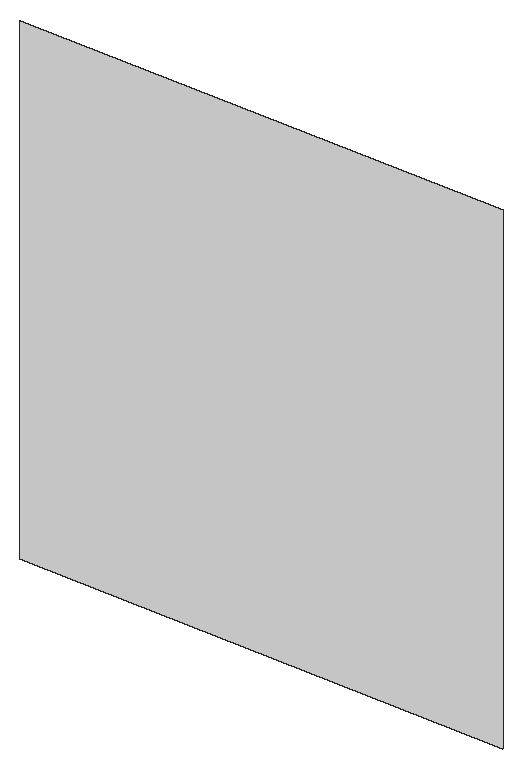
Revit family "M_Tomada-Triplex", category Iluminação elétrica, Revit 2019
Family settings
  Hospedeiro = Parede
  Manter orientação da anotação = Não
  Cota do conector redondo = Utilizar diâmetro
  Tipo de parte = Normal
  Número OmniClass = 23.80.50.11.11
  Título OmniClass = Receptacle Terminal Units
  ID de item do Seek = Outlet-Triplex-0000-CAN-ENU
  Sempre na vertical = Sim
  Corte com vazios quando carregada = Não
  Compartilhado = Não
  Ponto de cálculo do ambiente = Não
Parameters (values of type "Tripla")
  Largura = 115 mm
  Altura de montagem = 305 mm
  Altura = 115 mm
  Material = Plástico, Branco Opaco
Reference planes
  plane 1: y = 0
  plane 2 "Centro (Esquerda/Direita)": x = 125
  plane 3 "Parte posterior": y = 75
  plane 4: z = 305
  plane 5: x = 67.5
  plane 6: x = 182.5
  plane 7: z = 362.5
  plane 8: z = 247.5
  plane 9: y = 80
Forms (mm)
  Blend 1, solid, material "Plástico, Branco Opaco" <- "Material"
    base sketch origin (0, 75, 0) x (1, 0, 0) y (0, 0, 1)
      loop
        line (182.5, 362.5) -> (67.5, 362.5) -> (67.5, 247.5) -> (182.5, 247.5) -> (182.5, 362.5)
    top sketch origin (0, 75, 0) x (1, 0, 0) y (0, 0, 1)
      loop
        line (177.5, 357.5) -> (72.5, 357.5) -> (72.5, 252.5) -> (177.5, 252.5) -> (177.5, 357.5)
    from 0 to -5
Text (mm)
  text "Lado da colocação" at (0, 1270.507, 3001.832), in view "Esquerda"
  text "Lado da colocação" at (0, 530.812, 2999.686), in view "Direita"
Dimensions and locks
  locked: plane 3 "Parte posterior" to host wall
  "Altura": plane 8 to plane 7
  "Largura": plane 5 to plane 6
  equal spacing: plane 8, plane 4, plane 7
  equal spacing: plane 5, plane 2 "Centro (Esquerda/Direita)", plane 6
  "Altura de montagem": level to plane 4
  locked: plane 3 "Parte posterior" to plane 9 at 5
  aligned and locked: plane 1 to host wall
  aligned and locked: plane 6 to Blend 1 sketch curve
  aligned and locked: Blend 1 sketch curve to plane 7
  aligned and locked: plane 8 to Blend 1 sketch curve
  aligned and locked: plane 5 to Blend 1 sketch curve
  aligned and locked: plane 3 "Parte posterior" to nested 1
  aligned and locked: Blend 1 to plane 9
  aligned and locked: plane 3 "Parte posterior" to Blend 1
Automatic sketch dimensions
  Blend 1 sketch curve to plane 5 = 5 mm
  plane 6 to Blend 1 sketch curve = 5 mm
  Blend 1 sketch curve to plane 8 = 5 mm
  plane 7 to Blend 1 sketch curve = 5 mm
Nested families
  nested 1: "Anotação de tomada tripla" at (125, 75, 0), type "Anotação de tomada tripla"
Definition of nested family "Anotação de tomada tripla"
  Reference planes
    plane 1: y = 0
    plane 2: x = 0
  Lines and regions (mm)
    detail lines
      curve 1: arc (-1.218, 2.706, 0) -> (1.219, 4.039, 0) -> (-1.218, 2.706, 0) r 1.389
      curve 2: line (-0.461, 0.398, 0) -> (-0.461, 4.684, 0)
      curve 3: line (0.461, 0.398, 0) -> (0.461, 4.684, 0)
      curve 4: line (-1.389, 3.373, 0) -> (1.389, 3.373, 0)
      curve 5: line (0, 0.398, 0) -> (0, 4.762, 0)
